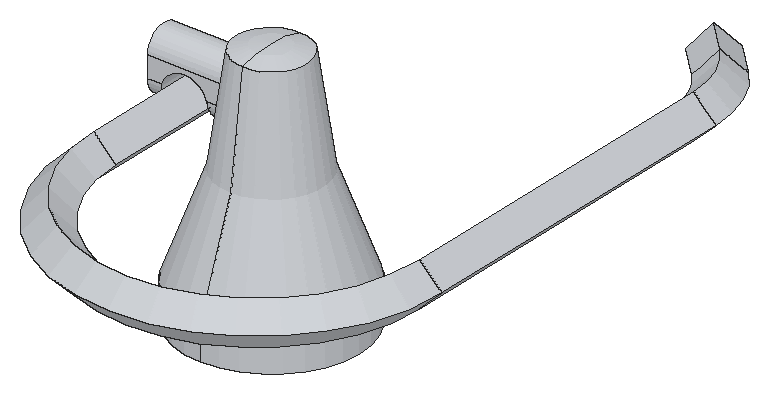
Revit family "BL-2503-11 PORTARROLLO CONTEMPRA", category Plumbing Fixtures, host Face, Revit 2018
Family settings
  Host = Face
  Round Connector Dimension = Use Diameter
  Part Type = Normal
  OmniClass Number = 23.31.11.00
  Cut with Voids When Loaded = No
  Shared = No
  Room Calculation Point = No
Parameters (values of type "BL-2503-11")
  Waste Water Outlet = ""
  Plastico ABS cromado = Plastico - ABS Cromado
  Link Ficha Tecnica = "http://infotecnica.gricol.com/FT_BL250311.pdf"
  Waste Connection = 1 = 0  # no
  Vent Connection = 1 = 0  # no
  URL = "https://www.gricol.com/"
  Type Image = PORTARROLLO CONTEMPRA.jpg
  Product Name = "PORTARROLLO CONTEMPRA"  # constant formula
  Ancho gancho = 181.0 mm
  Alto gancho = 105.0 mm
  Alto soporte = 70.0 mm
  Diametro base = 50.0 mm
  Model = "BL-2503-11"  # constant formula
  Manufacturer = "Gricol"  # constant formula
  HW Connection = 1 = 1  # yes
  Description = "Portarrollo "  # constant formula
  Default Elevation = 0.0 mm
  Date Modified = ""
  Date Created = "05/28/2020"  # constant formula
  Copyright = "All rights reserved © Gricol - 2020."  # constant formula
  CW Connection = 1 = 1  # yes
  Assembly Code = ""
Reference planes
  plane 1 "Center (Front/Back)": y = 0
  plane 2: z = 0
  plane 3 "Center (Left/Right)": x = 0
  plane 4: through (-26.075, -0.068, 1219.2) normal (-1, 0.0006, 0)
  plane 5: through (78.925, -0.126, 1219.2) normal (-1, 0.0006, 0)
  plane 6: through (-14.723, 24.926, 1219.2) normal (-0.0006, -1, 0)
  plane 7: through (-14.751, -25.074, 1219.2) normal (-0.0006, -1, 0)
  plane 8: z = 70
  plane 9: through (24.265, -90.596, 1219.2) normal (0.0006, 1, 0)
  plane 10: through (24.366, 90.404, 1219.2) normal (0.0006, 1, 0)
Dimensions and locks
  "Diametro base": plane 7 to plane 6
  "Alto soporte": plane 8 to level
  plane 8 to level = 70.0 mm
  "Ancho gancho": plane 9 to plane 10
  "Alto gancho": plane 4 to plane 5
  aligned and locked: plane 2 to host face
  aligned and locked: level to host face
Automatic sketch dimensions
  host sketch curve to host sketch curve = 208.696 mm
  host sketch curve to host sketch curve = 243.41 mm
Nested families
  nested 1: "PORTARROLLO CONTEMPRA" at (0.082, -0.082, 0) x (0.0006, 1, 0) z (0, 0, 1), type "PORTARROLLO CONTEMPRA"
Definition of nested family "PORTARROLLO CONTEMPRA"
  Parameters (values of type "PORTARROLLO CONTEMPRA")
    Vaso Portacepillos = none
    Brazo Portacepillos = none
    Alto vaso = 95.0 mm
    Alto soporte = 70.0 mm
  Reference planes
    plane 1 "Center (Front/Back)": y = 0
    plane 2: z = 0
    plane 3 "Center (Left/Right)": x = 0
    plane 4: z = 70
    plane 5: x = -90.5
    plane 6: x = 90.5
    plane 7: y = -78.843
    plane 8: y = 26.157
  Forms (mm)
    Extrusion 1, solid
      sketch origin (-121.749, 0, 64.151) x (-1, 0, 0) y (0, -1, 0)
        loop
          circle (-121.749, 0) r 25
      from -64.151 to -54.151
    Revolve 2, solid
      sketch origin (-1300, 0, 0) x (1, 0, 0) y (0, 0, 1)
        loop
          line (1300, 70.003) -> (1300, 10) -> (1325, 10)
          arc (1325, 10) -> (1314.548, 38.421) -> (1310.077, 68.371) r 148.541
          arc (1310.077, 68.371) -> (1305.105, 69.598) -> (1300, 70.003) r 31.46
        axis (1300, 10) -> (1300, 70.003)
      angle from 0 to 360
    Extrusion 3, solid
      sketch origin (2.085, 0, 0.625) x (1, 0, 0) y (0, 0, 1)
        loop
          line (3.729, 52.352) -> (3.729, 58.218)
          arc (3.729, 58.218) -> (-2.085, 64.032) -> (-7.9, 58.218) r 5.814
          line (-7.9, 58.218) -> (-7.9, 52.352)
          arc (-7.9, 52.352) -> (-2.085, 46.537) -> (3.729, 52.352) r 5.814
      from 0 to -30.376
    Extrusion 4, void
      sketch origin (0, 1300, 0) x (0, -1, 0) y (0, 0, 1)
        loop
          arc (1286.646, 50.916) -> (1279.966, 57.596) -> (1273.285, 50.916) r 6.68
          line (1273.285, 50.916) -> (1273.285, 45) -> (1286.646, 45) -> (1286.646, 50.916)
      from -14.326 to 8.68
    Sweep 5, solid
      path origin (0, 121.749, 51.026) x (0, 1, 0) y (-1, 0, 0)
        loop
          line (-101.842, -13.13) -> (-101.842, 38.12)
          arc (-101.842, 38.12) -> (-148.092, 84.37) -> (-194.342, 38.12) r 46.25
          line (-194.342, 38.12) -> (-194.342, -58.955)
          arc (-194.342, -58.955) -> (-192.3, -69.221) -> (-186.485, -77.924) r 26.826
          line (-186.485, -77.924) -> (-178.164, -86.245)
      profile origin (-12.495, 19.907, 51.026) x (0, -1, 0) y (0, 0, 1)
        loop
          line (-6.25, 0) -> (0, -6.25) -> (6.25, 0) -> (0, 6.25) -> (-6.25, 0)
  Cuts and joins
    Extrusion 4 cuts Extrusion 3
    joined: Revolve 2, Extrusion 3
  Dimensions and locks
    "Alto soporte": level to plane 4
    plane 4 to level = 70.0 mm
    locked: plane 5 to plane 6 at 181
    plane 3 "Center (Left/Right)" to plane 6 = 90.5 mm
    plane 8 to plane 7 = 105.0 mm
    aligned and locked: level to plane 2
  Automatic sketch dimensions
    Revolve 2 sketch curve to plane 3 "Center (Left/Right)" = 0.0 mm  (x2)
    plane 3 "Center (Left/Right)" to Revolve 2 sketch curve = 0.077 mm
    level to Revolve 2 sketch curve = 10.0 mm
    plane 3 "Center (Left/Right)" to Revolve 2 sketch curve = 25.0 mm
    Revolve 2 sketch curve to plane 4 = 5.212 mm
    Revolve 2 sketch curve to Revolve 2 sketch curve = 133.461 mm
    Revolve 2 sketch curve to Revolve 2 sketch curve = 28.542 mm
    Revolve 2 sketch curve to plane 4 = 0.003 mm
    Revolve 2 sketch curve to Revolve 2 sketch curve = 1.459 mm
    Revolve 2 sketch curve to Revolve 2 sketch curve = 9.999 mm
    plane 1 "Center (Front/Back)" to Extrusion 1 sketch curve = 0.0 mm
    Extrusion 1 sketch curve to plane 3 "Center (Left/Right)" = 0.0 mm
    Extrusion 3 sketch curve to plane 3 "Center (Left/Right)" = 0.0 mm
    Extrusion 3 sketch curve to plane 3 "Center (Left/Right)" = 5.814 mm
    plane 4 to Extrusion 3 sketch curve = 17.023 mm
    Extrusion 3 sketch curve to Extrusion 3 sketch curve = 5.866 mm
    Extrusion 4 sketch curve to plane 1 "Center (Front/Back)" = 26.715 mm
    Extrusion 4 sketch curve to Extrusion 4 sketch curve = 6.68 mm
    plane 4 to Extrusion 4 sketch curve = 25.0 mm
    Extrusion 4 sketch curve to Extrusion 4 sketch curve = 5.916 mm
    plane 7 to Sweep 5 sketch curve = 6.25 mm
    Sweep 5 sketch curve to plane 6 = 12.576 mm
    plane 7 to Sweep 5 sketch curve = 14.107 mm
    Sweep 5 sketch curve to Sweep 5 sketch curve = 26.826 mm
    plane 1 "Center (Front/Back)" to Sweep 5 sketch curve = 26.343 mm
    Sweep 5 sketch curve to plane 3 "Center (Left/Right)" = 38.12 mm
    Sweep 5 sketch curve to plane 6 = 4.255 mm
    Sweep 5 sketch curve to Sweep 5 sketch curve = 8.321 mm
    plane 3 "Center (Left/Right)" to Sweep 5 sketch curve = 13.13 mm
    Sweep 5 sketch curve to profile plane = 0.0 mm  (x4)
    profile plane to Sweep 5 sketch curve = 6.25 mm
    radius of Extrusion 1 sketch curve = 25.0 mm
